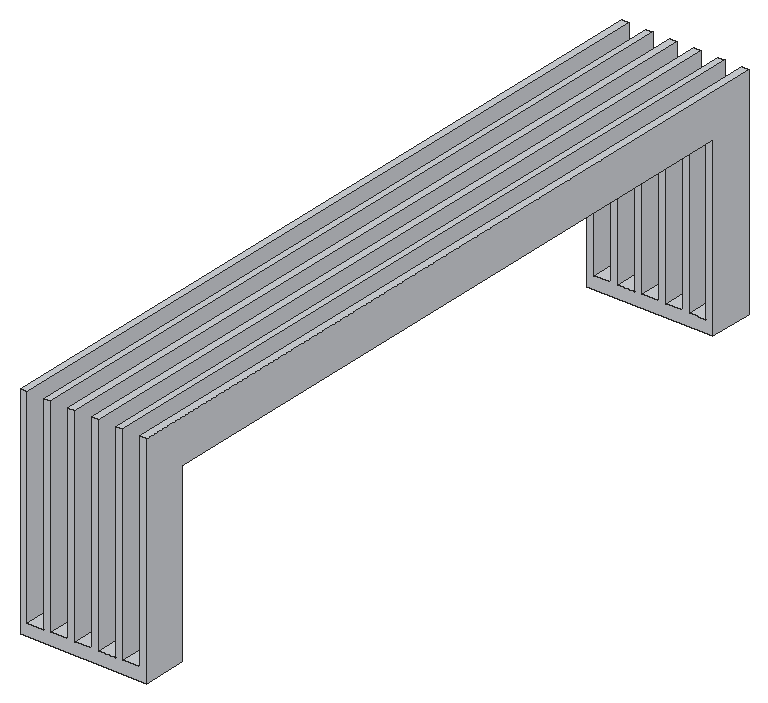
Revit family "LL06_R2016", category Generic Models, Revit 2016
Family settings
  Part Type = Normal
  Can host rebar = No
  Round Connector Dimension = Use Diameter
  OmniClass Number = 23.45.00.00
  OmniClass Title = Sanitary, Laundry, and Cleaning Equipment
  Work Plane-Based = No
  Always vertical = Yes
  Cut with Voids When Loaded = No
  Shared = No
  Room Calculation Point = No
Parameters
  Tube Length [instance] = 990 mm
  Length [instance] = 1200 mm
  Height = 350 mm
Reference planes
  plane 1: z = 0
  plane 2: z = 350
  plane 3: y = -26.341
  plane 4: y = -626.341
  plane 5: y = 573.659
Forms (mm)
  Extrusion 1, solid, not visible
    sketch origin (0, 0, 0) x (1, 0, 0) y (0, 1, 0)
      loop
        line (-495, -20) -> (-495, -31) -> (495, -31) -> (495, -20) -> (-495, -20)
    from 300 to 370
  Extrusion 2, solid, not visible
    sketch origin (0, 0, 0) x (1, 0, 0) y (0, 1, 0)
      loop
        line (-495, -20) -> (-495, -31) -> (495, -31) -> (495, -20) -> (-495, -20)
    from 300 to 370
  Extrusion 3, solid, not visible
    sketch origin (0, -24, 0) x (1, 0, 0) y (0, 1, 0)
      loop
        line (-495, -20) -> (-495, -31) -> (495, -31) -> (495, -20) -> (-495, -20)
    from 300 to 370
  Extrusion 4, solid, not visible
    sketch origin (0, -48, 0) x (1, 0, 0) y (0, 1, 0)
      loop
        line (-495, -20) -> (-495, -31) -> (495, -31) -> (495, -20) -> (-495, -20)
    from 300 to 370
  Extrusion 5, solid, not visible
    sketch origin (0, -72, 0) x (1, 0, 0) y (0, 1, 0)
      loop
        line (-495, -20) -> (-495, -31) -> (495, -31) -> (495, -20) -> (-495, -20)
    from 300 to 370
  Extrusion 6, solid, not visible
    sketch origin (0, -96, 0) x (1, 0, 0) y (0, 1, 0)
      loop
        line (-495, -20) -> (-495, -31) -> (495, -31) -> (495, -20) -> (-495, -20)
    from 300 to 370
  Extrusion 7, solid, not visible
    sketch origin (0, -120, 0) x (1, 0, 0) y (0, 1, 0)
      loop
        line (-495, -20) -> (-495, -31) -> (495, -31) -> (495, -20) -> (-495, -20)
    from 300 to 370
  Extrusion 8, solid, not visible
    sketch origin (0, -144, 0) x (1, 0, 0) y (0, 1, 0)
      loop
        line (-495, -20) -> (-495, -31) -> (495, -31) -> (495, -20) -> (-495, -20)
    from 300 to 370
  Extrusion 9, solid, not visible
    sketch origin (0, -168, 0) x (1, 0, 0) y (0, 1, 0)
      loop
        line (-495, -20) -> (-495, -31) -> (495, -31) -> (495, -20) -> (-495, -20)
    from 300 to 370
  Extrusion 10, solid, not visible
    sketch origin (0, -192, 0) x (1, 0, 0) y (0, 1, 0)
      loop
        line (-495, -20) -> (-495, -31) -> (495, -31) -> (495, -20) -> (-495, -20)
    from 300 to 370
  Extrusion 11, solid, not visible
    sketch origin (0, -216, 0) x (1, 0, 0) y (0, 1, 0)
      loop
        line (-495, -20) -> (-495, -31) -> (495, -31) -> (495, -20) -> (-495, -20)
    from 300 to 370
  Extrusion 12, solid, not visible
    sketch origin (0, -240, 0) x (1, 0, 0) y (0, 1, 0)
      loop
        line (-495, -20) -> (-495, -31) -> (495, -31) -> (495, -20) -> (-495, -20)
    from 300 to 370
  Extrusion 13, solid, not visible
    sketch origin (0, -264, 0) x (1, 0, 0) y (0, 1, 0)
      loop
        line (-495, -20) -> (-495, -31) -> (495, -31) -> (495, -20) -> (-495, -20)
    from 300 to 370
  Extrusion 14, solid, not visible
    sketch origin (0, -288, 0) x (1, 0, 0) y (0, 1, 0)
      loop
        line (-495, -20) -> (-495, -31) -> (495, -31) -> (495, -20) -> (-495, -20)
    from 300 to 370
  Extrusion 15, solid, not visible
    sketch origin (0, -312, 0) x (1, 0, 0) y (0, 1, 0)
      loop
        line (-495, -20) -> (-495, -31) -> (495, -31) -> (495, -20) -> (-495, -20)
    from 300 to 370
  Extrusion 16, solid
    sketch origin (0, 0, 0) x (0, 1, 0) y (0, 0, 1)
      loop
        line (573.659, 0) -> (573.659, 350) -> (-626.341, 350) -> (-626.341, 0) -> (-556.341, 0) -> (-556.341, 280) -> (503.659, 280) -> (503.659, 0) -> (573.659, 0)
    from 0 to 11
  Extrusion 17, solid
    sketch origin (38, 0, 0) x (0, 1, 0) y (0, 0, 1)
      loop
        line (573.659, 0) -> (573.659, 350) -> (-626.341, 350) -> (-626.341, 0) -> (-556.341, 0) -> (-556.341, 280) -> (503.659, 280) -> (503.659, 0) -> (573.659, 0)
    from 0 to 11
  Extrusion 18, solid
    sketch origin (76, 0, 0) x (0, 1, 0) y (0, 0, 1)
      loop
        line (573.659, 0) -> (573.659, 350) -> (-626.341, 350) -> (-626.341, 0) -> (-556.341, 0) -> (-556.341, 280) -> (503.659, 280) -> (503.659, 0) -> (573.659, 0)
    from 0 to 11
  Extrusion 19, solid
    sketch origin (114, 0, 0) x (0, 1, 0) y (0, 0, 1)
      loop
        line (573.659, 0) -> (573.659, 350) -> (-626.341, 350) -> (-626.341, 0) -> (-556.341, 0) -> (-556.341, 280) -> (503.659, 280) -> (503.659, 0) -> (573.659, 0)
    from 0 to 11
  Extrusion 20, solid
    sketch origin (152, 0, 0) x (0, 1, 0) y (0, 0, 1)
      loop
        line (573.659, 0) -> (573.659, 350) -> (-626.341, 350) -> (-626.341, 0) -> (-556.341, 0) -> (-556.341, 280) -> (503.659, 280) -> (503.659, 0) -> (573.659, 0)
    from 0 to 11
  Extrusion 21, solid
    sketch origin (190, 0, 0) x (0, 1, 0) y (0, 0, 1)
      loop
        line (573.659, 0) -> (573.659, 350) -> (-626.341, 350) -> (-626.341, 0) -> (-556.341, 0) -> (-556.341, 280) -> (503.659, 280) -> (503.659, 0) -> (573.659, 0)
    from 0 to 11
  Extrusion 22, solid
    sketch origin (0, 0, 0) x (1, 0, 0) y (0, 1, 0)
      loop
        line (0, -626.341) -> (201, -626.341) -> (201, -556.341) -> (0, -556.341) -> (0, -626.341)
      loop
        line (0, 503.659) -> (201, 503.659) -> (201, 573.659) -> (0, 573.659) -> (0, 503.659)
    from 0 to 20
Cuts and joins
  joined: Extrusion 16, Extrusion 17, Extrusion 18, Extrusion 19, Extrusion 20, Extrusion 21, Extrusion 22
Lines and regions (mm)
  reference lines
    curve 1: line (0, 665.378, 280) -> (0, -754.622, 280)
    curve 2: line (0, 503.659, 411.424) -> (0, 503.659, -138.576)
    curve 3: line (0, -556.341, 388.061) -> (0, -556.341, -81.939)
Dimensions and locks
  locked: Extrusion 1 sketch curve to Extrusion 1 sketch curve at 11
  locked: Extrusion 2 sketch curve to Extrusion 2 sketch curve at 11
  locked: Extrusion 3 sketch curve to Extrusion 3 sketch curve at 11
  equal spacing: group 2, group 3, group 4, group 5, group 6, group 7, group 8, group 9, group 10, group 11, group 12, group 13, group 14, group 15  (x2)
  equal spacing: group 15, group 14, group 13, group 12, group 11, group 10, group 9, group 8, group 7, group 6, group 5, group 4, group 3, group 2
  locked: Extrusion 4 sketch curve to Extrusion 4 sketch curve at 11
  locked: Extrusion 5 sketch curve to Extrusion 5 sketch curve at 11
  locked: Extrusion 6 sketch curve to Extrusion 6 sketch curve at 11
  locked: Extrusion 7 sketch curve to Extrusion 7 sketch curve at 11
  locked: Extrusion 8 sketch curve to Extrusion 8 sketch curve at 11
  locked: Extrusion 9 sketch curve to Extrusion 9 sketch curve at 11
  locked: Extrusion 10 sketch curve to Extrusion 10 sketch curve at 11
  locked: Extrusion 11 sketch curve to Extrusion 11 sketch curve at 11
  locked: Extrusion 12 sketch curve to Extrusion 12 sketch curve at 11
  locked: Extrusion 13 sketch curve to Extrusion 13 sketch curve at 11
  locked: Extrusion 14 sketch curve to Extrusion 14 sketch curve at 11
  locked: Extrusion 15 sketch curve to Extrusion 15 sketch curve at 11
  "Height": plane 2 to level
  equal spacing: plane 5, plane 3, plane 4
  "Length": plane 5 to plane 4
  locked: plane 2 to curve 1 at 70
  locked: curve 3 to plane 4 at 70
  locked: plane 5 to curve 2 at 70
  aligned and locked: level to plane 1
  aligned and locked: Extrusion 16 sketch curve to plane 2
  aligned and locked: Extrusion 16 sketch curve to plane 4
  aligned and locked: level to Extrusion 16 sketch curve  (x2)
  aligned and locked: Extrusion 16 sketch curve to curve 3
  aligned and locked: Extrusion 16 sketch curve to curve 1
  aligned and locked: curve 2 to Extrusion 16 sketch curve
  aligned and locked: Extrusion 16 sketch curve to plane 5
  aligned and locked: Extrusion 22 sketch curve to Extrusion 16  (x6)
Automatic sketch dimensions
  Extrusion 1 sketch curve to Extrusion 1 sketch curve = 990 mm
  Extrusion 2 sketch curve to Extrusion 2 sketch curve = 990 mm
  Extrusion 3 sketch curve to Extrusion 3 sketch curve = 990 mm
  Extrusion 4 sketch curve to Extrusion 4 sketch curve = 990 mm
  Extrusion 5 sketch curve to Extrusion 5 sketch curve = 990 mm
  Extrusion 6 sketch curve to Extrusion 6 sketch curve = 990 mm
  Extrusion 7 sketch curve to Extrusion 7 sketch curve = 990 mm
  Extrusion 8 sketch curve to Extrusion 8 sketch curve = 990 mm
  Extrusion 9 sketch curve to Extrusion 9 sketch curve = 990 mm
  Extrusion 10 sketch curve to Extrusion 10 sketch curve = 990 mm
  Extrusion 11 sketch curve to Extrusion 11 sketch curve = 990 mm
  Extrusion 12 sketch curve to Extrusion 12 sketch curve = 990 mm
  Extrusion 13 sketch curve to Extrusion 13 sketch curve = 990 mm
  Extrusion 14 sketch curve to Extrusion 14 sketch curve = 990 mm
  Extrusion 15 sketch curve to Extrusion 15 sketch curve = 990 mm
  plane 4 to curve 1 = 128.281 mm
  curve 1 to plane 5 = 91.719 mm
  curve 3 to level = 81.939 mm
  curve 2 to level = 138.576 mm
  plane 2 to curve 3 = 38.061 mm
  plane 2 to curve 2 = 61.424 mm
  Extrusion 17 sketch curve to level = 0 mm  (x2)
  Extrusion 17 sketch curve to plane 4 = 0 mm
  Extrusion 17 sketch curve to plane 2 = 0 mm
  Extrusion 17 sketch curve to plane 5 = 0 mm
  Extrusion 17 sketch curve to plane 4 = 70 mm
  Extrusion 17 sketch curve to Extrusion 17 sketch curve = 70 mm
  Extrusion 17 sketch curve to plane 2 = 70 mm
  Extrusion 18 sketch curve to level = 0 mm  (x2)
  Extrusion 18 sketch curve to plane 4 = 0 mm
  Extrusion 18 sketch curve to plane 2 = 0 mm
  Extrusion 18 sketch curve to plane 5 = 0 mm
  Extrusion 18 sketch curve to plane 4 = 70 mm
  Extrusion 18 sketch curve to Extrusion 18 sketch curve = 70 mm
  Extrusion 18 sketch curve to plane 2 = 70 mm
  Extrusion 19 sketch curve to level = 0 mm  (x2)
  Extrusion 19 sketch curve to plane 4 = 0 mm
  Extrusion 19 sketch curve to plane 2 = 0 mm
  Extrusion 19 sketch curve to plane 5 = 0 mm
  Extrusion 19 sketch curve to plane 4 = 70 mm
  Extrusion 19 sketch curve to Extrusion 19 sketch curve = 70 mm
  Extrusion 19 sketch curve to plane 2 = 70 mm
  Extrusion 20 sketch curve to level = 0 mm  (x2)
  Extrusion 20 sketch curve to plane 4 = 0 mm
  Extrusion 20 sketch curve to plane 2 = 0 mm
  Extrusion 20 sketch curve to plane 5 = 0 mm
  Extrusion 20 sketch curve to plane 4 = 70 mm
  Extrusion 20 sketch curve to Extrusion 20 sketch curve = 70 mm
  Extrusion 20 sketch curve to plane 2 = 70 mm
  Extrusion 21 sketch curve to level = 0 mm  (x2)
  Extrusion 21 sketch curve to plane 4 = 0 mm
  Extrusion 21 sketch curve to plane 2 = 0 mm
  Extrusion 21 sketch curve to plane 5 = 0 mm
  Extrusion 21 sketch curve to plane 4 = 70 mm
  Extrusion 21 sketch curve to Extrusion 21 sketch curve = 70 mm
  Extrusion 21 sketch curve to plane 2 = 70 mm
  Extrusion 22 sketch curve to Extrusion 22 sketch curve = 201 mm  (x2)
